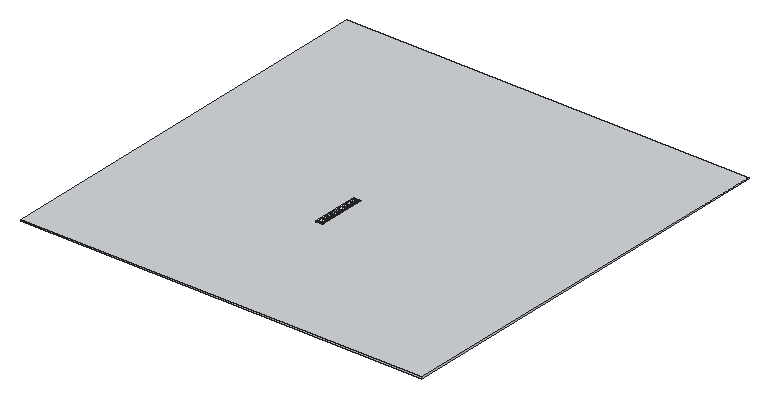
Revit family "xZumtobel SUI DF9", category Lighting Fixtures, host Face, Revit 2016
Family settings
  Host = Face
  Part Type = Normal
  Round Connector Dimension = Use Diameter
  OmniClass Number = 23.80.70.11
  OmniClass Title = Luminaries for Internal Lighting
  Cut with Voids When Loaded = No
  Light Source = Yes
  Shared = No
  Room Calculation Point = No
Parameters (values of type "SUI DF9 FL")
  Width = 50 mm  # constant formula
  Wattage Comments = ""
  Wattage = 22.2159 W
  built-in parameter 1150110 = 1 (stored number, unit not read)
  Voltage = 230 V
  URL = "http://www.zumtobel.com/60211001"
  Type Comments = "© Zumtobel. We reserve the right to make technical changes without prior notice."  # constant formula
  built-in parameter 1114217 = 1 (stored number, unit not read)
  Tilt Angle = -90.00°
  built-in parameter 1150109 = 1 (stored number, unit not read)
  built-in parameter 1150134 = (empty or 0)
  built-in parameter 1150113 = 1 (stored number, unit not read)
  Reflector [instance] = Zumtobel_Metal_Black
  Photometric Web File = "60211001_(STD_LEO).IES"
  Model = "60211001"
  Manufacturer = "Zumtobel Lighting"  # constant formula
  built-in parameter 1150105 = 262.61 (stored number, unit not read)
  Lumens = 3300 lm
  built-in parameter 1150115 = 1 (stored number, unit not read)
  built-in parameter 1150137 = (empty or 0)
  built-in parameter 1150139 = (empty or 0)
  Length = 335 mm  # constant formula
  built-in parameter 1150112 = 1 (stored number, unit not read)
  built-in parameter 1150114 = 1 (stored number, unit not read)
  Lamp = "LED"
  built-in parameter 1150132 = 2
  built-in parameter 1150102 = (empty or 0)
  built-in parameter 1150107 = 3000 (stored number, unit not read)
  built-in parameter 1150138 = (empty or 0)
  built-in parameter 1150106 = 2.6261 (stored number, unit not read)
  Height = 49 mm  # constant formula
  Emit from Rectangle Width = Length  # 335 mm
  Emit from Rectangle Length = Width  # 50 mm
  Emit Shape Visible in Rendering = no
  built-in parameter 1150104 = 13.8 (stored number, unit not read)
  Dimming Lamp Color Temperature Shift = <None>
  Description = "LED ceiling luminaire"  # constant formula
  Default Elevation = 0 mm
  Color Filter = 16777215
  Body [instance] = Zumtobel_Metal_White
  built-in parameter 1114218 = 1 (stored number, unit not read)
  built-in parameter 1150133 = 10 (stored number, unit not read)
  Assembly Code = "D5020200"
  Apparent Load = 36 VA
Types (3, lengths in mm): name | Wattage | URL | Photometric Web File | Model | built-in parameter 1150105 | Lumens | built-in parameter 1150106
  SUI DF9 VFL | 18.8499 W | "http://www.zumtobel.com/60211002" | "60211002_(STD_LEO).IES" | "60211002" | 222.82 (stored number, unit not read) | 2800 lm | 2.2282 (stored number, unit not read)
  SUI DF9 FL | 22.2159 W | "http://www.zumtobel.com/60211001" | "60211001_(STD_LEO).IES" | "60211001" | 262.61 (stored number, unit not read) | 3300 lm | 2.6261 (stored number, unit not read)
  SUI DF9 WW | 22.2159 W | "http://www.zumtobel.com/60211004" | "60211004_(STD_LEO).IES" | "60211004" | 262.61 (stored number, unit not read) | 3300 lm | 2.6261 (stored number, unit not read)
Reference planes
  plane 1 "Center (Front/Back)": y = 0
  plane 2 "Ceiling": z = 0
  plane 3 "Center (Left/Right)": x = 399.5
  plane 4: z = -47
  plane 5: z = -100
  plane 6 "Back": y = 161.5
  plane 7 "Front": y = -161.5
  plane 8 "Right": x = 417.5
  plane 9 "Left": x = 381.5
  plane 10: x = 374.5
  plane 11: x = 424.5
  plane 12: y = 167.5
  plane 13: y = -167.5
  plane 14 "Top": z = 2.2
  plane 15 "Interior Face": z = -11.146
  plane 16: z = -13.146
Forms (mm)
  Extrusion 1, solid
    sketch origin (116.179, 575, 0) x (1, 0, 0) y (0, 1, 0)
      loop
        line (-1016.679, 1125) -> (-1016.679, -1737.29) -> (1803.321, -1737.29) -> (1803.321, 1125) -> (-1016.679, 1125)
    from 0 to -10
  Extrusion 2, void
    sketch origin (0, 0, 0) x (1, 0, 0) y (0, 1, 0)
      loop
        line (417.5, -161.5) -> (417.5, 161.5) -> (381.5, 161.5) -> (381.5, -161.5) -> (417.5, -161.5)
    from 0 to -100
  Extrusion 3, solid, material "Zumtobel_Metal_White" <- "Body"
    sketch origin (0, 0, 0) x (1, 0, 0) y (0, 1, 0)
      loop
        line (374.5, -167.5) -> (424.5, -167.5) -> (424.5, 167.5) -> (374.5, 167.5) -> (374.5, -167.5)
      loop
        line (415.443, 159.554) -> (383.557, 159.554) -> (383.557, -159.554) -> (415.443, -159.554) -> (415.443, 159.554)
    from 0 to 2.2
  Extrusion 4, solid, material "Zumtobel_Metal_White" <- "Body"
    sketch origin (0, 0, 0) x (1, 0, 0) y (0, 0, 1)
      loop
        line (381.5, 0) -> (381.5, -47) -> (383.557, -47) -> (383.557, -30.55) -> (415.443, -30.55) -> (415.443, -47) -> (417.5, -47) -> (417.5, 0) -> (415.443, 0) -> (415.443, -29.076) -> (383.557, -29.076) -> (383.557, 0) -> (381.5, 0)
    from 161.5 to -161.5
  Extrusion 5, solid, material "Zumtobel_Metal_White" <- "Body"
    sketch origin (0, 0, 0) x (1, 0, 0) y (0, 0, 1)
      loop
        line (381.5, -30.55) -> (417.5, -30.55) -> (417.5, 0) -> (381.5, 0) -> (381.5, -30.55)
    from -159.554 to -161.5
  Extrusion 6, solid, material "Zumtobel_Metal_White" <- "Body"
    sketch origin (0, 0, 0) x (1, 0, 0) y (0, 0, 1)
      loop
        line (381.5, -30.55) -> (417.5, -30.55) -> (417.5, 0) -> (381.5, 0) -> (381.5, -30.55)
    from 161.5 to 159.554
  Extrusion 7, solid, material "Zumtobel_Metal_White" <- "Body"
    sketch origin (0, 0, 0) x (1, 0, 0) y (0, 1, 0)
      loop
        line (384.5, -125) -> (384.5, -155) -> (414.5, -155) -> (414.5, -125) -> (384.5, -125)
      loop
        line (384.5, -90) -> (384.5, -120) -> (414.5, -120) -> (414.5, -90) -> (384.5, -90)
      loop
        line (384.5, -55) -> (384.5, -85) -> (414.5, -85) -> (414.5, -55) -> (384.5, -55)
      loop
        line (384.5, -20) -> (384.5, -50) -> (414.5, -50) -> (414.5, -20) -> (384.5, -20)
      loop
        line (384.5, 15) -> (384.5, -15) -> (414.5, -15) -> (414.5, 15) -> (384.5, 15)
      loop
        line (384.5, 50) -> (384.5, 20) -> (414.5, 20) -> (414.5, 50) -> (384.5, 50)
      loop
        line (384.5, 85) -> (384.5, 55) -> (414.5, 55) -> (414.5, 85) -> (384.5, 85)
      loop
        line (384.5, 120) -> (384.5, 90) -> (414.5, 90) -> (414.5, 120) -> (384.5, 120)
      loop
        line (384.5, 155) -> (384.5, 125) -> (414.5, 125) -> (414.5, 155) -> (384.5, 155)
    from 0 to -13.146
  Blend 8, void
    base sketch origin (0, 0, 0) x (1, 0, 0) y (0, 1, 0)
      loop
        line (386.5, -127) -> (386.5, -153) -> (412.5, -153) -> (412.5, -127) -> (386.5, -127)
    top sketch origin (0, 0, 0) x (1, 0, 0) y (0, 1, 0)
      loop
        line (390.027, -130.527) -> (390.027, -149.473) -> (408.973, -149.473) -> (408.973, -130.527) -> (390.027, -130.527)
    from 0 to -11.146
  Blend 9, void
    base sketch origin (0, 35, 0) x (1, 0, 0) y (0, 1, 0)
      loop
        line (386.5, -127) -> (386.5, -153) -> (412.5, -153) -> (412.5, -127) -> (386.5, -127)
    top sketch origin (0, 35, 0) x (1, 0, 0) y (0, 1, 0)
      loop
        line (390.027, -130.527) -> (390.027, -149.473) -> (408.973, -149.473) -> (408.973, -130.527) -> (390.027, -130.527)
    from 0 to -11.146
  Blend 10, void
    base sketch origin (0, 70, 0) x (1, 0, 0) y (0, 1, 0)
      loop
        line (386.5, -127) -> (386.5, -153) -> (412.5, -153) -> (412.5, -127) -> (386.5, -127)
    top sketch origin (0, 70, 0) x (1, 0, 0) y (0, 1, 0)
      loop
        line (390.027, -130.527) -> (390.027, -149.473) -> (408.973, -149.473) -> (408.973, -130.527) -> (390.027, -130.527)
    from 0 to -11.146
  Blend 11, void
    base sketch origin (0, 105, 0) x (1, 0, 0) y (0, 1, 0)
      loop
        line (386.5, -127) -> (386.5, -153) -> (412.5, -153) -> (412.5, -127) -> (386.5, -127)
    top sketch origin (0, 105, 0) x (1, 0, 0) y (0, 1, 0)
      loop
        line (390.027, -130.527) -> (390.027, -149.473) -> (408.973, -149.473) -> (408.973, -130.527) -> (390.027, -130.527)
    from 0 to -11.146
  Blend 12, void
    base sketch origin (0, 140, 0) x (1, 0, 0) y (0, 1, 0)
      loop
        line (386.5, -127) -> (386.5, -153) -> (412.5, -153) -> (412.5, -127) -> (386.5, -127)
    top sketch origin (0, 140, 0) x (1, 0, 0) y (0, 1, 0)
      loop
        line (390.027, -130.527) -> (390.027, -149.473) -> (408.973, -149.473) -> (408.973, -130.527) -> (390.027, -130.527)
    from 0 to -11.146
  Blend 13, void
    base sketch origin (0, 175, 0) x (1, 0, 0) y (0, 1, 0)
      loop
        line (386.5, -127) -> (386.5, -153) -> (412.5, -153) -> (412.5, -127) -> (386.5, -127)
    top sketch origin (0, 175, 0) x (1, 0, 0) y (0, 1, 0)
      loop
        line (390.027, -130.527) -> (390.027, -149.473) -> (408.973, -149.473) -> (408.973, -130.527) -> (390.027, -130.527)
    from 0 to -11.146
  Blend 14, void
    base sketch origin (0, 210, 0) x (1, 0, 0) y (0, 1, 0)
      loop
        line (386.5, -127) -> (386.5, -153) -> (412.5, -153) -> (412.5, -127) -> (386.5, -127)
    top sketch origin (0, 210, 0) x (1, 0, 0) y (0, 1, 0)
      loop
        line (390.027, -130.527) -> (390.027, -149.473) -> (408.973, -149.473) -> (408.973, -130.527) -> (390.027, -130.527)
    from 0 to -11.146
  Blend 15, void
    base sketch origin (0, 245, 0) x (1, 0, 0) y (0, 1, 0)
      loop
        line (386.5, -127) -> (386.5, -153) -> (412.5, -153) -> (412.5, -127) -> (386.5, -127)
    top sketch origin (0, 245, 0) x (1, 0, 0) y (0, 1, 0)
      loop
        line (390.027, -130.527) -> (390.027, -149.473) -> (408.973, -149.473) -> (408.973, -130.527) -> (390.027, -130.527)
    from 0 to -11.146
  Blend 16, void
    base sketch origin (0, 280, 0) x (1, 0, 0) y (0, 1, 0)
      loop
        line (386.5, -127) -> (386.5, -153) -> (412.5, -153) -> (412.5, -127) -> (386.5, -127)
    top sketch origin (0, 280, 0) x (1, 0, 0) y (0, 1, 0)
      loop
        line (390.027, -130.527) -> (390.027, -149.473) -> (408.973, -149.473) -> (408.973, -130.527) -> (390.027, -130.527)
    from 0 to -11.146
  Extrusion 17, void
    sketch origin (0, 0, -11.146) x (-1, 0, 0) y (0, -1, 0)
      loop
        circle (-399.5, -140) r 9.473
      loop
        circle (-399.5, -105) r 9.473
      loop
        circle (-399.5, -70) r 9.473
      loop
        circle (-399.5, -35) r 9.473
      loop
        circle (-399.5, 0) r 9.473
      loop
        circle (-399.5, 35) r 9.473
      loop
        circle (-399.5, 70) r 9.473
      loop
        circle (-399.5, 105) r 9.473
      loop
        circle (-399.5, 140) r 9.473
    from 0 to -2
  Extrusion 18, solid, material "Zumtobel_Cover_Self_llumination_Opaque"
    sketch origin (0, 0, -11.146) x (-1, 0, 0) y (0, -1, 0)
      loop
        circle (-399.5, -140) r 9.473
      loop
        circle (-399.5, -105) r 9.473
      loop
        circle (-399.5, -70) r 9.473
      loop
        circle (-399.5, -35) r 9.473
      loop
        circle (-399.5, 0) r 9.473
      loop
        circle (-399.5, 35) r 9.473
      loop
        circle (-399.5, 70) r 9.473
      loop
        circle (-399.5, 105) r 9.473
      loop
        circle (-399.5, 140) r 9.473
    from 0 to -2
Cuts and joins
  Extrusion 17 cuts Extrusion 3
  Extrusion 17 cuts Extrusion 4
  Extrusion 17 cuts Extrusion 5
  Extrusion 17 cuts Extrusion 6
  joined: Extrusion 3, Extrusion 4, Extrusion 5, Extrusion 6
  Blend 8, Blend 9, Blend 10, Blend 11, Blend 12, Blend 13, Blend 14, Blend 15, Blend 16, Extrusion 17 cuts Extrusion 7
Dimensions and locks
  locked: plane 14 "Top" to plane 2 "Ceiling" at 2.2
  plane 14 "Top" to plane 15 "Interior Face" to plane 16 to plane 4 to plane 5 = 13.346 mm locked, 2 mm locked, 33.854 mm locked, 53 mm locked
  aligned and locked: Extrusion 1 to plane 2 "Ceiling"
  aligned and locked: Extrusion 1 to level
  aligned and locked: Extrusion 2 sketch curve to plane 7 "Front"
  aligned and locked: Extrusion 2 sketch curve to plane 6 "Back"
  aligned and locked: Extrusion 2 sketch curve to plane 8 "Right"
  aligned and locked: plane 9 "Left" to Extrusion 2 sketch curve
  aligned and locked: Extrusion 2 to plane 5
  aligned and locked: plane 14 "Top" to Extrusion 3
  aligned and locked: plane 2 "Ceiling" to Blend 8
  aligned and locked: Extrusion 7 to plane 16
  aligned and locked: Extrusion 18 to plane 16
  aligned and locked: plane 7 "Front" to Extrusion 4
  aligned and locked: imposter light to plane 14 "Top"
Connectors
  electrical at (399.5, 0, 2.2), driven by "Apparent Load", driven by "Voltage"
    settings: on cut or joined group of Extrusion 3, Extrusion 4, Extrusion 5, Extrusion 6, Extrusion 17, index 1, voltage 230 V, apparent load 36 VA, apparent load phase1 0 VA, apparent load phase2 0 VA, apparent load phase3 0 VA, power factor 1, load classification "Lighting", number of poles 1, system type 30, power factor state 1, is connector primary yes, connector utility no, sub classification motor no, connector description "Power"
